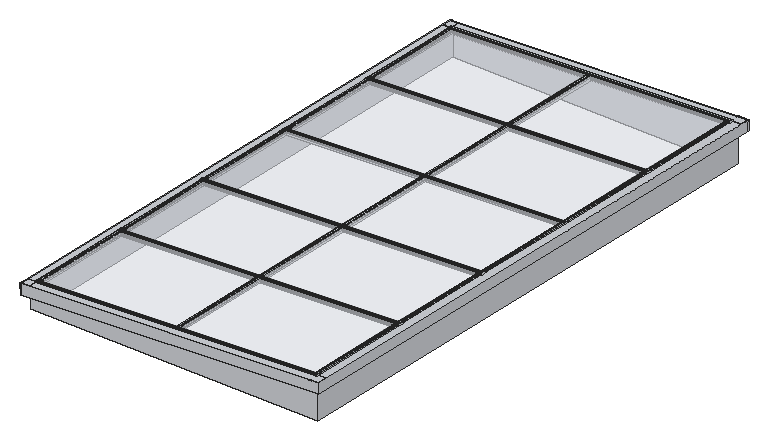
Revit family "Pultdach_oG_Flachdach_ceiling", category Fenster, Revit 2019
Family settings
  Basisbauteil = Geschossdecke
  Immer vertikal = Ja
  Beim Laden mit Abzugskörper schneiden = Ja
  Gemeinsam genutzt = Nein
  Raumberechnungspunkt = Nein
Parameters
  segment quantity = roundup((inner length + 70 mm) / rd)  # 5
  segment distance = (inner length + 70 mm) / segment quantity  # 1514 mm
  rd2 = max rafter distance : 1,5 m
  rd1 = max rafter distance : 1,0 m
  rd = if(max. rafter distance = rd1, 1070 mm, if(max. rafter distance = rd2, 1570 mm, 2070 mm))  # 1570 mm
  max. rafter distance = max rafter distance : 1,5 m
  lower frame height = 300 mm
  length wether sheet = -(inner length + 96 mm + 86 mm)  # -7682 mm
  inner width = 4000 mm
  inner length = 7500 mm
  glass roof inclination = 3.00°
  external width = inner width + 2 mm * 96  # 4192 mm
  end wether sheet = length wether sheet + 2 mm  # -7680 mm
  construction height = tan(glass roof inclination) * external width + lower frame height  # 519.693 mm
  begin wether sheet = -(inner length + 47 mm)  # -7547 mm
  URL = "https://www.lamilux.com/daylight-systems/products/glass-roof/glass-roof-pr60.html"
  Product data url = "https://www.bimobject.com/en/lamilux/product/lamilux_pr60"
  Modell = "Glasdach PR60"
  Height = construction height  # 519.693 mm
  Homepage [instance] = "https://www.lamilux.com/daylight-systems/products/glass-roof/glass-roof-pr60.html"
  Hersteller = "LAMILUX Heinrich Strunz GmbH"
  Glazing Material = Glas
  Frame Material = Aluminium (1)
  Breite = inner width  # 4000 mm
  Baugruppenkennzeichen = "B3020110"
  - inner length = inner length  # 7500 mm
  - external length = -(inner length + 2 mm * 96)  # -7692 mm
Reference planes
  plane 1 "Mitte (Vorne/hinten)": y = 0
  plane 2: z = 0
  plane 3 "Mitte (Links/rechts)": x = 0
  plane 4: x = 96
  plane 5: x = 4096
  plane 6: y = 7500
Forms (mm)
  Extrusion 1, solid, detail levels fine
    sketch origin (0, 0, 0) x (1, 0, 0) y (0, 1, 0)
      loop
        line (96, 0) -> (4096, 0) -> (4096, 7500) -> (96, 7500) -> (96, 0)
      loop
        line (0, 7596) -> (0, -96) -> (4192, -96) -> (4192, 7596) -> (0, 7596)
    from 0 to 519.693 <- "construction height"
  Extrusion 2, void
    sketch origin (0, 0, 0) x (1, 0, 0) y (0, 0, 1)
      loop
        line (4192, 519.693) -> (0, 519.693) -> (0, 300) -> (4192, 519.693)
    from 96 to -7692 <- "- external length"
  Extrusion 3, solid, detail levels fine
    sketch origin (0, 0, 0) x (1, 0, 0) y (0, 0, 1)
      loop
        line (43.782, 348.358) -> (-89, 341.399) -> (-89, 191.36) -> (-87, 191.36) -> (-87, 339.501) -> (43.887, 346.36) -> (43.782, 348.358)
    from 182 to -7682 <- "length wether sheet"
  Extrusion 4, solid, detail levels fine
    sketch origin (0, 0, 0) x (1, 0, 0) y (0, 0, 1)
      loop
        line (4142.402, 563.157) -> (4142.507, 561.16) -> (4279.839, 568.357) -> (4279.839, 419.508) -> (4281.839, 419.508) -> (4281.839, 570.465) -> (4142.402, 563.157)
    from -7682 <- "length wether sheet" to 182
  Extrusion 5, solid, detail levels fine
    sketch origin (0, 0, 0) x (1, 0, 0) y (0, 0, 1)
      loop
        line (-89, 341.399) -> (-89, 339.396) -> (4281, 568.418) -> (4281, 570.421) -> (-89, 341.399)
    from 182 to 47
  Extrusion 6, solid, detail levels fine
    sketch origin (0, 0, 0) x (1, 0, 0) y (0, 0, 1)
      loop
        line (4281, 570.421) -> (-89, 341.399) -> (-89, 339.396) -> (4281, 568.418) -> (4281, 570.421)
    from -7682 <- "length wether sheet" to -7547 <- "begin wether sheet"
  Extrusion 7, solid, detail levels fine
    sketch origin (0, 0, 0) x (1, 0, 0) y (0, 0, 1)
      loop
        line (-89, 341.399) -> (-89, 191.426) -> (4280.422, 420.417) -> (4280.422, 570.391) -> (-89, 341.399)
    from 180 to 182
  Extrusion 8, solid, detail levels fine
    sketch origin (0, 0, 0) x (1, 0, 0) y (0, 0, 1)
      loop
        line (4281.839, 570.465) -> (-89, 341.399) -> (-89, 191.426) -> (4281.839, 420.492) -> (4281.839, 570.465)
    from -7680 <- "end wether sheet" to -7682 <- "length wether sheet"
  Extrusion 9, solid, detail levels coarse
    sketch origin (0, 0, 0) x (1, 0, 0) y (0, 1, 0)
      loop
        line (-89, 7682) -> (-89, -182) -> (4281, -182) -> (4281, 7682) -> (-89, 7682)
    from 519.693 <- "construction height" to 0
  Extrusion 10, solid, detail levels medium
    sketch origin (0, 0, 0) x (1, 0, 0) y (0, 0, 1)
      loop
        line (-89, 0) -> (4281, 0) -> (4281, 582.319) -> (-89, 353.297) -> (-89, 0)
    from -7682 <- "length wether sheet" to 182
Cuts and joins
  Extrusion 2 cuts Extrusion 1
  joined: Extrusion 5, Extrusion 7
Dimensions and locks
  "inner width": plane 4 to plane 5
  "inner length": plane 6 to plane 1 "Mitte (Vorne/hinten)"
  locked: Extrusion 3 sketch curve to Extrusion 3 sketch curve at 2
  locked: cut or joined group of Extrusion 1, Extrusion 2 to Extrusion 3 sketch curve at 46
  locked: Extrusion 4 sketch curve to cut or joined group of Extrusion 1, Extrusion 2 at 46
  locked: Extrusion 4 sketch curve to Extrusion 4 sketch curve at 2
  locked: cut or joined group of Extrusion 1, Extrusion 2 to Extrusion 5 sketch curve at 46
  locked: Extrusion 5 sketch curve to Extrusion 5 sketch curve at 2
  locked: Extrusion 6 sketch curve to cut or joined group of Extrusion 1, Extrusion 2 at 46
  locked: Extrusion 6 sketch curve to Extrusion 6 sketch curve at 2
  locked: Extrusion 10 sketch curve to cut or joined group of Extrusion 1, Extrusion 2 at 57.882
  "glass roof inclination": angle Extrusion 1 to Extrusion 2 sketch curve
  aligned and locked: level to plane 2
  aligned and locked: plane 6 to Extrusion 1 sketch curve
  aligned and locked: Extrusion 1 sketch curve to plane 5
  aligned and locked: Extrusion 2 sketch curve to Extrusion 1
  aligned and locked: Extrusion 1 to Extrusion 2 sketch curve
  aligned and locked: cut or joined group of Extrusion 1, Extrusion 2 to nested 1
  aligned and locked: Extrusion 4 sketch curve to nested 1
  aligned and locked: Extrusion 7 sketch curve to Extrusion 5
  aligned and locked: Extrusion 8 sketch curve to Extrusion 6
  aligned and locked: Extrusion 8 sketch curve to Extrusion 4
Automatic sketch dimensions
  Extrusion 1 sketch curve to plane 4 = 0 mm
  plane 1 "Mitte (Vorne/hinten)" to Extrusion 1 sketch curve = 0 mm
  Extrusion 1 sketch curve to plane 3 "Mitte (Links/rechts)" = 0 mm
  Extrusion 1 sketch curve to plane 5 = 96 mm
  plane 1 "Mitte (Vorne/hinten)" to Extrusion 1 sketch curve = 96 mm
  plane 6 to Extrusion 1 sketch curve = 96 mm
  Extrusion 3 sketch curve to plane 3 "Mitte (Links/rechts)" = 89 mm
  Extrusion 3 sketch curve to Extrusion 3 sketch curve = 2 mm
  plane 3 "Mitte (Links/rechts)" to Extrusion 3 sketch curve = 43.782 mm
  Extrusion 3 sketch curve to Extrusion 3 sketch curve = 148.141 mm
  Extrusion 4 sketch curve to Extrusion 4 sketch curve = 137.332 mm
  Extrusion 4 sketch curve to Extrusion 4 sketch curve = 2 mm
  Extrusion 4 sketch curve to Extrusion 4 sketch curve = 148.849 mm
  Extrusion 5 sketch curve to plane 3 "Mitte (Links/rechts)" = 89 mm
  Extrusion 5 sketch curve to plane 5 = 185 mm
  Extrusion 6 sketch curve to plane 5 = 185 mm
  Extrusion 6 sketch curve to plane 3 "Mitte (Links/rechts)" = 89 mm
  Extrusion 7 sketch curve to plane 3 "Mitte (Links/rechts)" = 89 mm
  Extrusion 7 sketch curve to plane 5 = 184.422 mm
  Extrusion 7 sketch curve to Extrusion 7 sketch curve = 149.973 mm  (x2)
  Extrusion 8 sketch curve to plane 3 "Mitte (Links/rechts)" = 89 mm
  Extrusion 8 sketch curve to Extrusion 8 sketch curve = 149.973 mm  (x2)
  Extrusion 9 sketch curve to plane 3 "Mitte (Links/rechts)" = 89 mm
  Extrusion 9 sketch curve to plane 5 = 185 mm
  plane 1 "Mitte (Vorne/hinten)" to Extrusion 9 sketch curve = 182 mm
  plane 6 to Extrusion 9 sketch curve = 182 mm
  Extrusion 10 sketch curve to level = 0 mm
  Extrusion 10 sketch curve to plane 3 "Mitte (Links/rechts)" = 89 mm
  Extrusion 10 sketch curve to plane 5 = 185 mm
  Extrusion 2 sketch curve to plane 3 "Mitte (Links/rechts)" = 0 mm
Nested families
  nested 1: "VerglFlaeche" at (4095.877, -5, 514.656) x (-0.9986, 0, -0.0523) z (-0.0523, 0, 0.9986), type "VerglFlaeche", detail levels fine
    with segment quantity 5, segment distance 1514 mm, roof inclination 3.00°, rd 1570 mm, inner width 4000 mm
Definition of nested family "VerglFlaeche"
  Parameters (values of type "VerglFlaeche")
    segment quantity = 4
    segment distance = 1892.5 mm
    roof inclination = 5.00°
    rd = 2070 mm
    inner width = 5000 mm
    inner length = 3500 mm
    Default Elevation = 1219.2 mm
  Reference planes
    plane 1 "Mitte (Vorne/hinten)": y = 0
    plane 2: z = 0
    plane 3 "Mitte (Links/rechts)": x = 0
    plane 4: y = -857.502
    plane 5: y = -2750.002
    plane 6: y = -4642.502
    plane 7: y = -6535.002
  Dimensions and locks
    locked: plane 1 "Mitte (Vorne/hinten)" to nested 1 at 5
    equal spacing: group 1, group 2, group 3, group 4  (x2)
    equal spacing: group 4, group 3, group 2, group 1
    "segment distance": plane 5 to plane 4
    aligned and locked: level to plane 2
  Nested families
    nested 1: "Einzelfeld" at (0, -1822.5, 0) x (-1, 0, 0) z (0, 0, 1), type "Glaskonstruktion_Test"
    nested 2: "Einzelfeld" at (0, -3715, 0) x (-1, 0, 0) z (0, 0, 1), type "Glaskonstruktion_Test"
    nested 3: "Einzelfeld" at (0, -5607.5, 0) x (-1, 0, 0) z (0, 0, 1), type "Glaskonstruktion_Test"
    nested 4: "Einzelfeld" at (0, -7500, 0) x (-1, 0, 0) z (0, 0, 1), type "Glaskonstruktion_Test"
  Definition of nested family "Einzelfeld"
    Parameters (values of type "Einzelfeld")
      segment quantity = 6
      roof inclination = 5.00°
      rd = 2070 mm
      rafter length = -(construction width + 65 mm)  # -5084.099 mm
      rafter distance = 1892.5 mm
      mullion quantity = roundup((construction width + 70 mm) / md) + 1  # 4
      mullion lenght = -(rafter distance - 90 mm)  # -1802.5 mm
      mullion distance = (construction width + 70 mm) / (mullion quantity - 1)  # 1696.366 mm
      md = if(rd = 1070 mm, 3070 mm, if(rd = 1570 mm, 2570 mm, 2070 mm))  # 2070 mm
      inner width = 5000 mm
      construction width = inner width / cos(roof inclination)  # 5019.099 mm
      Default Elevation = 1219.2 mm
    Reference planes
      plane 1 "Mitte (Vorne/hinten)": y = 0
      plane 2: z = 0
      plane 3 "Mitte (Links/rechts)": x = 0
      plane 4: x = -5019.099
      plane 5: y = 34.998
      plane 6 "Riegel": y = -10
      plane 7: x = 35
      plane 8: x = -35
      plane 9: y = -1857.502
      plane 10: x = -1661.366
      plane 11: x = -3357.733
      plane 12: x = -5054.099
    Forms (mm)
      Extrusion 1, solid
        sketch origin (0, 70, 0) x (0, 1, 0) y (0, 0, 1)
          loop
            line (-65, 0) -> (-5, 0) -> (-5, 16) -> (-21, 16) -> (-21, 46) -> (-5, 46) -> (-5, 52) -> (-19.489, 55.882) -> (-19.489, 57.882) -> (-23.492, 57.882) -> (-23.492, 56.882) -> (-46.511, 56.882) -> (-46.511, 57.882) -> (-50.511, 57.882) -> (-50.511, 55.882) -> (-65, 52) -> (-65, 46) -> (-49, 46) -> (-49, 16) -> (-65, 16) -> (-65, 0)
        from 65 to -5084.099 <- "rafter length"
      Extrusion 2, solid
        sketch origin (70, -10, 0) x (-1, 0, 0) y (0, 0, 1)
          loop
            line (65, 0) -> (65, 16) -> (49, 16) -> (49, 46) -> (65, 46) -> (65, 52) -> (50.511, 55.882) -> (50.511, 57.698) -> (46.511, 57.698) -> (46.511, 56.698) -> (23.489, 56.698) -> (23.489, 57.882) -> (19.489, 57.882) -> (19.489, 55.882) -> (5, 52) -> (5, 46) -> (21, 46) -> (21, 16) -> (5, 16) -> (5, 0) -> (65, 0)
        from 0 to -1802.5 <- "mullion lenght"
      Extrusion 3, solid, not visible
        sketch origin (0, -10, 0) x (-1, 0, 0) y (0, 0, 1)
          loop
            line (65, 0) -> (65, 16) -> (49, 16) -> (49, 46) -> (65, 46) -> (65, 52) -> (50.511, 55.882) -> (50.511, 57.698) -> (46.511, 57.698) -> (46.511, 56.698) -> (23.489, 56.698) -> (23.489, 57.882) -> (19.489, 57.882) -> (19.489, 55.882) -> (5, 52) -> (5, 46) -> (21, 46) -> (21, 16) -> (5, 16) -> (5, 0) -> (65, 0)
        from 0 to -1802.5 <- "mullion lenght"
      Extrusion 4, solid
        sketch origin (0, -1822.5, 0) x (0, 1, 0) y (0, 0, 1)
          loop
            line (-65, 0) -> (-5, 0) -> (-5, 16) -> (-21, 16) -> (-21, 46) -> (-5, 46) -> (-5, 52) -> (-19.489, 55.882) -> (-19.489, 57.882) -> (-23.492, 57.882) -> (-23.492, 56.882) -> (-46.511, 56.882) -> (-46.511, 57.882) -> (-50.511, 57.882) -> (-50.511, 55.882) -> (-65, 52) -> (-65, 46) -> (-49, 46) -> (-49, 16) -> (-65, 16) -> (-65, 0)
        from 65 to -5084.099 <- "rafter length"
      Extrusion 5, solid
        sketch origin (-1626.366, -10, 0) x (-1, 0, 0) y (0, 0, 1)
          loop
            line (65, 0) -> (65, 16) -> (49, 16) -> (49, 46) -> (65, 46) -> (65, 52) -> (50.511, 55.882) -> (50.511, 57.698) -> (46.511, 57.698) -> (46.511, 56.698) -> (23.489, 56.698) -> (23.489, 57.882) -> (19.489, 57.882) -> (19.489, 55.882) -> (5, 52) -> (5, 46) -> (21, 46) -> (21, 16) -> (5, 16) -> (5, 0) -> (65, 0)
        from 0 to -1802.5 <- "mullion lenght"
      Extrusion 6, solid
        sketch origin (-3322.733, -10, 0) x (-1, 0, 0) y (0, 0, 1)
          loop
            line (65, 0) -> (65, 16) -> (49, 16) -> (49, 46) -> (65, 46) -> (65, 52) -> (50.511, 55.882) -> (50.511, 57.698) -> (46.511, 57.698) -> (46.511, 56.698) -> (23.489, 56.698) -> (23.489, 57.882) -> (19.489, 57.882) -> (19.489, 55.882) -> (5, 52) -> (5, 46) -> (21, 46) -> (21, 16) -> (5, 16) -> (5, 0) -> (65, 0)
        from 0 to -1802.5 <- "mullion lenght"
      Extrusion 7, solid, not visible
        sketch origin (0, -10, 0) x (-1, 0, 0) y (0, 0, 1)
          loop
            line (0, 0) -> (-5, 0) -> (-5, -57.15) -> (0, 0)
        from 0 to 10
      Extrusion 8, solid
        sketch origin (0, 0, 0) x (1, 0, 0) y (0, 1, 0)
          loop
            line (-5038.099, 18.998) -> (-5038.099, -1841.502) -> (19, -1841.502) -> (19, 18.998) -> (-5038.099, 18.998)
        from 16 to 46
      Extrusion 9, solid
        sketch origin (-5019.099, -10, 0) x (-1, 0, 0) y (0, 0, 1)
          loop
            line (65, 0) -> (65, 16) -> (49, 16) -> (49, 46) -> (65, 46) -> (65, 52) -> (50.511, 55.882) -> (50.511, 57.698) -> (46.511, 57.698) -> (46.511, 56.698) -> (23.489, 56.698) -> (23.489, 57.882) -> (19.489, 57.882) -> (19.489, 55.882) -> (5, 52) -> (5, 46) -> (21, 46) -> (21, 16) -> (5, 16) -> (5, 0) -> (65, 0)
        from 0 to -1802.5 <- "mullion lenght"
    Dimensions and locks
      group 2 to group 3 = 0 mm  (x2)
      group 3 to group 2 = 1892.5 mm
      "rafter distance": plane 9 to plane 5
      locked: plane 6 "Riegel" to plane 1 "Mitte (Vorne/hinten)" at 10
      equal spacing: group 7, group 6, group 5, group 4
      equal spacing: group 4, group 5, group 6, group 7  (x2)
      "construction width": plane 4 to plane 3 "Mitte (Links/rechts)"
      locked: plane 7 to plane 3 "Mitte (Links/rechts)" at 35
      "mullion distance": plane 7 to plane 10
      Extrusion 8 sketch curve to plane 9 = 16 mm
      Extrusion 8 sketch curve to plane 11 = 1680.366 mm
      Extrusion 8 sketch curve to plane 5 = 16 mm
      Extrusion 8 sketch curve to plane 7 = 16 mm
      locked: Extrusion 8 sketch curve to plane 4 at 19
      "roof inclination": angle Extrusion 7 sketch curve to plane 3 "Mitte (Links/rechts)"
      aligned and locked: level to plane 2
      aligned and locked: Extrusion 7 sketch curve to Extrusion 1
      aligned and locked: plane 3 "Mitte (Links/rechts)" to Extrusion 7 sketch curve
      aligned and locked: Extrusion 7 sketch curve to Extrusion 2
    Automatic sketch dimensions
      Extrusion 1 sketch curve to Extrusion 1 sketch curve = 0 mm  (x2)
      Extrusion 1 sketch curve to Extrusion 1 sketch curve = 14.489 mm
      Extrusion 1 sketch curve to Extrusion 1 sketch curve = 1.511 mm
      Extrusion 1 sketch curve to Extrusion 1 sketch curve = 4 mm
      Extrusion 1 sketch curve to Extrusion 1 sketch curve = 23.019 mm
      Extrusion 1 sketch curve to Extrusion 1 sketch curve = 4.003 mm
      Extrusion 1 sketch curve to Extrusion 1 sketch curve = 30 mm
      Extrusion 1 sketch curve to Extrusion 1 sketch curve = 6 mm  (x2)
      Extrusion 1 sketch curve to Extrusion 1 sketch curve = 9.882 mm  (x2)
      Extrusion 1 sketch curve to Extrusion 1 sketch curve = 2 mm  (x2)
      Extrusion 1 sketch curve to Extrusion 1 sketch curve = 1 mm
      Extrusion 1 sketch curve to plane 5 = 29.998 mm
      plane 5 to Extrusion 1 sketch curve = 14.002 mm
      Extrusion 1 sketch curve to Extrusion 1 sketch curve = 16 mm  (x4)
      Extrusion 4 sketch curve to Extrusion 4 sketch curve = 0 mm  (x2)
      Extrusion 4 sketch curve to Extrusion 4 sketch curve = 14.489 mm
      Extrusion 4 sketch curve to Extrusion 4 sketch curve = 1.511 mm
      Extrusion 4 sketch curve to Extrusion 4 sketch curve = 4 mm
      Extrusion 4 sketch curve to Extrusion 4 sketch curve = 23.019 mm
      Extrusion 4 sketch curve to Extrusion 4 sketch curve = 4.003 mm
      Extrusion 4 sketch curve to Extrusion 4 sketch curve = 30 mm
      Extrusion 4 sketch curve to Extrusion 4 sketch curve = 6 mm  (x2)
      Extrusion 4 sketch curve to Extrusion 4 sketch curve = 9.882 mm  (x2)
      Extrusion 4 sketch curve to Extrusion 4 sketch curve = 2 mm  (x2)
      Extrusion 4 sketch curve to Extrusion 4 sketch curve = 1 mm
      Extrusion 4 sketch curve to plane 9 = 29.998 mm
      plane 9 to Extrusion 4 sketch curve = 14.002 mm
      Extrusion 4 sketch curve to Extrusion 4 sketch curve = 16 mm  (x4)
      plane 7 to Extrusion 2 sketch curve = 30 mm
      Extrusion 2 sketch curve to Extrusion 2 sketch curve = 0 mm
      Extrusion 2 sketch curve to Extrusion 2 sketch curve = 14.489 mm
      Extrusion 2 sketch curve to Extrusion 2 sketch curve = 1.511 mm
      Extrusion 2 sketch curve to Extrusion 2 sketch curve = 4 mm  (x2)
      Extrusion 2 sketch curve to plane 7 = 11.511 mm
      Extrusion 2 sketch curve to Extrusion 2 sketch curve = 2.489 mm
      Extrusion 2 sketch curve to Extrusion 2 sketch curve = 16 mm  (x4)
      Extrusion 2 sketch curve to Extrusion 2 sketch curve = 30 mm  (x2)
      Extrusion 2 sketch curve to Extrusion 2 sketch curve = 6 mm  (x2)
      Extrusion 2 sketch curve to Extrusion 2 sketch curve = 9.882 mm  (x2)
      Extrusion 2 sketch curve to Extrusion 2 sketch curve = 0.816 mm
      Extrusion 2 sketch curve to Extrusion 2 sketch curve = 1.816 mm
      Extrusion 2 sketch curve to Extrusion 2 sketch curve = 2 mm
      plane 8 to Extrusion 3 sketch curve = 30 mm
      Extrusion 3 sketch curve to Extrusion 3 sketch curve = 0 mm
      Extrusion 3 sketch curve to Extrusion 3 sketch curve = 14.489 mm
      Extrusion 3 sketch curve to Extrusion 3 sketch curve = 1.511 mm
      Extrusion 3 sketch curve to Extrusion 3 sketch curve = 4 mm  (x2)
      Extrusion 3 sketch curve to plane 8 = 11.511 mm
      Extrusion 3 sketch curve to Extrusion 3 sketch curve = 2.489 mm
      Extrusion 3 sketch curve to Extrusion 3 sketch curve = 16 mm  (x4)
      Extrusion 3 sketch curve to Extrusion 3 sketch curve = 30 mm  (x2)
      Extrusion 3 sketch curve to Extrusion 3 sketch curve = 6 mm  (x2)
      Extrusion 3 sketch curve to Extrusion 3 sketch curve = 9.882 mm  (x2)
      Extrusion 3 sketch curve to Extrusion 3 sketch curve = 0.816 mm
      Extrusion 3 sketch curve to Extrusion 3 sketch curve = 1.816 mm
      Extrusion 3 sketch curve to Extrusion 3 sketch curve = 2 mm
      plane 10 to Extrusion 5 sketch curve = 30 mm
      Extrusion 5 sketch curve to Extrusion 5 sketch curve = 0 mm
      Extrusion 5 sketch curve to Extrusion 5 sketch curve = 14.489 mm
      Extrusion 5 sketch curve to Extrusion 5 sketch curve = 1.511 mm
      Extrusion 5 sketch curve to Extrusion 5 sketch curve = 4 mm  (x2)
      Extrusion 5 sketch curve to plane 10 = 11.511 mm
      Extrusion 5 sketch curve to Extrusion 5 sketch curve = 2.489 mm
      Extrusion 5 sketch curve to Extrusion 5 sketch curve = 16 mm  (x4)
      Extrusion 5 sketch curve to Extrusion 5 sketch curve = 30 mm  (x2)
      Extrusion 5 sketch curve to Extrusion 5 sketch curve = 6 mm  (x2)
      Extrusion 5 sketch curve to Extrusion 5 sketch curve = 9.882 mm  (x2)
      Extrusion 5 sketch curve to Extrusion 5 sketch curve = 0.816 mm
      Extrusion 5 sketch curve to Extrusion 5 sketch curve = 1.816 mm
      Extrusion 5 sketch curve to Extrusion 5 sketch curve = 2 mm
      plane 11 to Extrusion 6 sketch curve = 30 mm
      Extrusion 6 sketch curve to Extrusion 6 sketch curve = 0 mm
      Extrusion 6 sketch curve to Extrusion 6 sketch curve = 14.489 mm
      Extrusion 6 sketch curve to Extrusion 6 sketch curve = 1.511 mm
      Extrusion 6 sketch curve to Extrusion 6 sketch curve = 4 mm  (x2)
      Extrusion 6 sketch curve to plane 11 = 11.511 mm
      Extrusion 6 sketch curve to Extrusion 6 sketch curve = 2.489 mm
      Extrusion 6 sketch curve to Extrusion 6 sketch curve = 16 mm  (x4)
      Extrusion 6 sketch curve to Extrusion 6 sketch curve = 30 mm  (x2)
      Extrusion 6 sketch curve to Extrusion 6 sketch curve = 6 mm  (x2)
      Extrusion 6 sketch curve to Extrusion 6 sketch curve = 9.882 mm  (x2)
      Extrusion 6 sketch curve to Extrusion 6 sketch curve = 0.816 mm
      Extrusion 6 sketch curve to Extrusion 6 sketch curve = 1.816 mm
      Extrusion 6 sketch curve to Extrusion 6 sketch curve = 2 mm
      plane 12 to Extrusion 9 sketch curve = 30 mm
      Extrusion 9 sketch curve to Extrusion 9 sketch curve = 0 mm
      Extrusion 9 sketch curve to Extrusion 9 sketch curve = 14.489 mm
      Extrusion 9 sketch curve to Extrusion 9 sketch curve = 1.511 mm
      Extrusion 9 sketch curve to Extrusion 9 sketch curve = 4 mm  (x2)
      Extrusion 9 sketch curve to plane 12 = 11.511 mm
      Extrusion 9 sketch curve to Extrusion 9 sketch curve = 2.489 mm
      Extrusion 9 sketch curve to Extrusion 9 sketch curve = 16 mm  (x4)
      Extrusion 9 sketch curve to Extrusion 9 sketch curve = 30 mm  (x2)
      Extrusion 9 sketch curve to Extrusion 9 sketch curve = 6 mm  (x2)
      Extrusion 9 sketch curve to Extrusion 9 sketch curve = 9.882 mm  (x2)
      Extrusion 9 sketch curve to Extrusion 9 sketch curve = 0.816 mm
      Extrusion 9 sketch curve to Extrusion 9 sketch curve = 1.816 mm
      Extrusion 9 sketch curve to Extrusion 9 sketch curve = 2 mm
